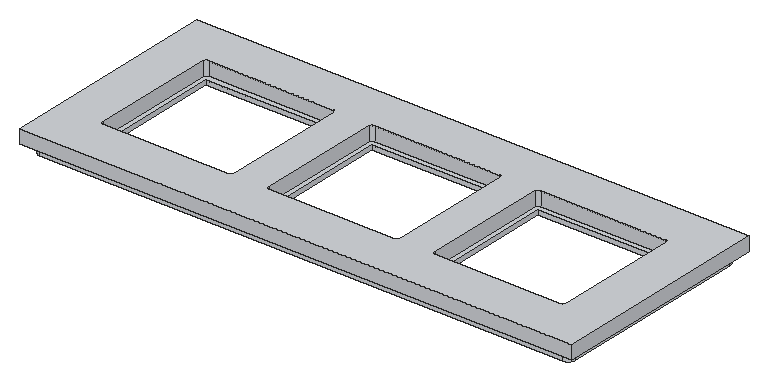
Revit family "Gira_0213122", category Electrical Fixtures, host Face, Revit 2017
Family settings
  Host = Face
  Maintain Annotation Orientation = No
  Round Connector Dimension = Use Diameter
  Part Type = Normal
  Cut with Voids When Loaded = No
  Shared = No
  Room Calculation Point = No
Parameters (values of type "Abdeckrahmen 3f Gira Esprit G Umbra")
  Werkstoffgüte = "Echtglas"
  Werkstoff = "Glas"
  URL = "http://katalog.gira.de/de_DE/datenblatt.html?artikelnr=0213122"
  Transparent = "No"
  Textfeld/Beschriftungsfläche = "No"
  Schutzart (IP) = "IP20"
  Region = "DE"
  Oberfläche = "sonstige"
  Name = "Abdeckrahmen 3f Gira Esprit G Umbra"
  Montagerichtung = "horizontal und vertikal"
  Mit Montagerahmen = "No"
  Mit Klappdeckel = "No"
  Manufacturer URL = "https://www.gira.de/"
  Keynote = "Espr._Rahmen_3fach"
  HeinzeBIM = "https://bimportal.heinze.de/bim/abdeckrahmen-3f-gira-esprit-g-umbra/0b369018a906a02220fa3a0d667838fba20be737"
  Halogenfrei = "No"
  HAN = "0213122"
  Geeignet für Unterputz-Installation = "Yes"
  Geeignet für Unterflurkanaldose = "No"
  Geeignet für Geräteeinbaukanal = "No"
  Geeignet für Einbauinstallation = "No"
  GTIN = "4010337076353"
  Farbe = "braun"
  Default Elevation = 1219.2 mm
  Data sheet (1) = "https://katalog.gira.de/de_DE/download.html?artikelnr=0213122"
  Category = "Abdeckrahmen"
  Befestigungsart = "Klemmbefestigung"
  Available = "Yes"
  Anzahl der Einheiten vertikal = "3 "
  Anzahl der Einheiten horizontal = "3 "
  Anzahl der Einheiten = "3 "
Reference planes
  plane 1 "Center (Front/Back)": y = 0
  plane 2: z = 0
  plane 3 "Center (Left/Right)": x = 0
Forms (mm)
  Extrusion 1, solid, detail levels fine
    sketch origin (0, 0, 0) x (1, 0, 0) y (0, 1, 0)
      loop
        line (-118.4, 47.5) -> (-118.4, -47.5) -> (118.4, -47.5) -> (118.4, 47.5) -> (-118.4, 47.5)
      loop
        arc (-99.5, -26.7) -> (-99.061, -27.761) -> (-98, -28.2) r 1.5
        line (-98, -28.2) -> (-44.6, -28.2)
        arc (-44.6, -28.2) -> (-43.539, -27.761) -> (-43.1, -26.7) r 1.5
        line (-43.1, -26.7) -> (-43.1, 26.7)
        arc (-43.1, 26.7) -> (-43.539, 27.761) -> (-44.6, 28.2) r 1.5
        line (-44.6, 28.2) -> (-98, 28.2)
        arc (-98, 28.2) -> (-99.061, 27.761) -> (-99.5, 26.7) r 1.5
        line (-99.5, 26.7) -> (-99.5, -26.7)
      loop
        arc (-28.2, -26.7) -> (-27.761, -27.761) -> (-26.7, -28.2) r 1.5
        line (-26.7, -28.2) -> (26.7, -28.2)
        arc (26.7, -28.2) -> (27.761, -27.761) -> (28.2, -26.7) r 1.5
        line (28.2, -26.7) -> (28.2, 26.7)
        arc (28.2, 26.7) -> (27.761, 27.761) -> (26.7, 28.2) r 1.5
        line (26.7, 28.2) -> (-26.7, 28.2)
        arc (-26.7, 28.2) -> (-27.761, 27.761) -> (-28.2, 26.7) r 1.5
        line (-28.2, 26.7) -> (-28.2, -26.7)
      loop
        arc (43.1, -26.7) -> (43.539, -27.761) -> (44.6, -28.2) r 1.5
        line (44.6, -28.2) -> (98, -28.2)
        arc (98, -28.2) -> (99.061, -27.761) -> (99.5, -26.7) r 1.5
        line (99.5, -26.7) -> (99.5, 26.7)
        arc (99.5, 26.7) -> (99.061, 27.761) -> (98, 28.2) r 1.5
        line (98, 28.2) -> (44.6, 28.2)
        arc (44.6, 28.2) -> (43.539, 27.761) -> (43.1, 26.7) r 1.5
        line (43.1, 26.7) -> (43.1, -26.7)
    from 0 to 6
  Extrusion 2, solid, detail levels fine
    sketch origin (0, 0, 0) x (1, 0, 0) y (0, 1, 0)
      loop
        line (-97.2, -25.7) -> (-45.4, -25.7) -> (-45.4, 25.7) -> (-97.2, 25.7) -> (-97.2, -25.7)
      loop
        line (97.2, 25.7) -> (45.4, 25.7) -> (45.4, -25.7) -> (97.2, -25.7) -> (97.2, 25.7)
      loop
        arc (-114.002, -41.3) -> (-113.474, -42.573) -> (-112.202, -43.1) r 1.8
        line (-112.202, -43.1) -> (112.202, -43.1)
        arc (112.202, -43.1) -> (113.474, -42.573) -> (114.002, -41.3) r 1.8
        line (114.002, -41.3) -> (114.002, 41.3)
        arc (114.002, 41.3) -> (113.474, 42.573) -> (112.202, 43.1) r 1.8
        line (112.202, 43.1) -> (-112.202, 43.1)
        arc (-112.202, 43.1) -> (-113.474, 42.573) -> (-114.002, 41.3) r 1.8
        line (-114.002, 41.3) -> (-114.002, -41.3)
      loop
        line (25.9, 25.7) -> (-25.9, 25.7) -> (-25.9, -25.7) -> (25.9, -25.7) -> (25.9, 25.7)
    from -1.9 to 0
  Extrusion 3, solid, detail levels fine
    sketch origin (0, 0, 0) x (1, 0, 0) y (0, 1, 0)
      loop
        arc (-112.3, 44.4) -> (-114.421, 43.521) -> (-115.3, 41.4) r 3
        line (-115.3, 41.4) -> (-115.3, -41.4)
        arc (-115.3, -41.4) -> (-114.421, -43.521) -> (-112.3, -44.4) r 3
        line (-112.3, -44.4) -> (112.3, -44.4)
        arc (112.3, -44.4) -> (114.421, -43.521) -> (115.3, -41.4) r 3
        line (115.3, -41.4) -> (115.3, 41.4)
        arc (115.3, 41.4) -> (114.421, 43.521) -> (112.3, 44.4) r 3
        line (112.3, 44.4) -> (-112.3, 44.4)
      loop
        arc (-114.1, -41.4) -> (-113.573, -42.673) -> (-112.3, -43.2) r 1.8
        line (-112.3, -43.2) -> (112.3, -43.2)
        arc (112.3, -43.2) -> (113.573, -42.673) -> (114.1, -41.4) r 1.8
        line (114.1, -41.4) -> (114.1, 41.4)
        arc (114.1, 41.4) -> (113.573, 42.673) -> (112.3, 43.2) r 1.8
        line (112.3, 43.2) -> (-112.3, 43.2)
        arc (-112.3, 43.2) -> (-113.573, 42.673) -> (-114.1, 41.4) r 1.8
        line (-114.1, 41.4) -> (-114.1, -41.4)
    from -3.7 to 0
  Extrusion 4, solid, detail levels medium
    sketch origin (0, 0, 0) x (1, 0, 0) y (0, 1, 0)
      loop
        line (-118.4, 47.5) -> (-118.4, -47.5) -> (118.4, -47.5) -> (118.4, 47.5) -> (-118.4, 47.5)
    from 0 to 6
  Extrusion 5, solid, detail levels medium
    sketch origin (0, 0, 0) x (1, 0, 0) y (0, 1, 0)
      loop
        line (-115.3, 44.4) -> (-115.3, -44.4) -> (115.3, -44.4) -> (115.3, 44.4) -> (-115.3, 44.4)
    from -3.7 to 0
  Extrusion 6, solid, detail levels coarse
    sketch origin (0, 0, 0) x (1, 0, 0) y (0, 1, 0)
      loop
        line (-118.4, 47.5) -> (-118.4, -47.5) -> (118.4, -47.5) -> (118.4, 47.5) -> (-118.4, 47.5)
    from -3.7 to 6
Dimensions and locks
  aligned and locked: plane 2 to host face
  aligned and locked: level to host face
